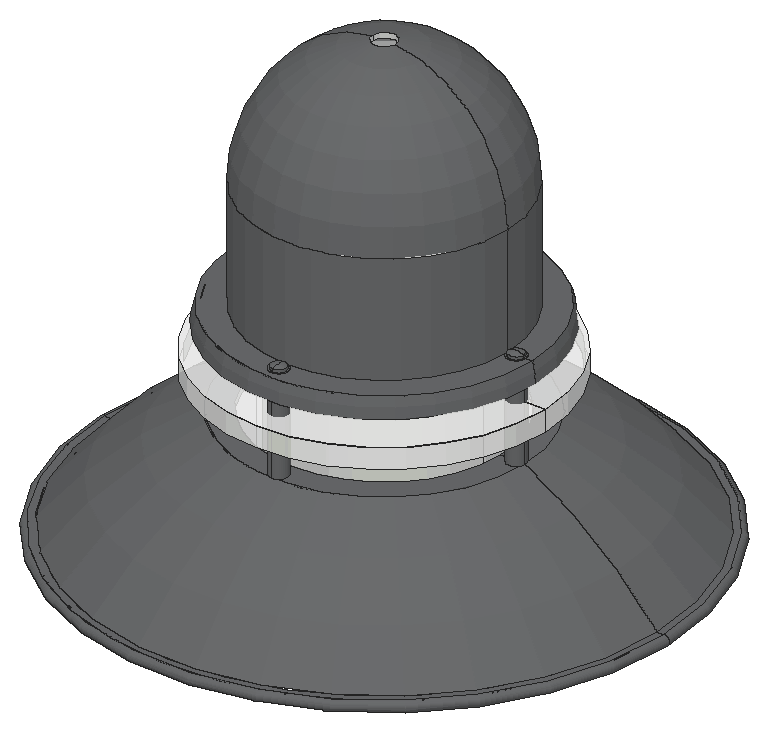
Revit family "UDP212 SHADE", category Lighting Fixtures, Revit 2024
Family settings
  Round Connector Dimension = Use Diameter
  Part Type = Normal
  OmniClass Number = 23.80.70.00
  OmniClass Title = Lighting
  Work Plane-Based = No
  Always vertical = Yes
  Cut with Voids When Loaded = No
  Light Source = Yes
  Maintain Annotation Orientation = No
  Shared = No
  Room Calculation Point = No
Parameters
  Wattage = 12.1178 W
  built-in parameter 1150110 = 1 (stored number, unit not read)
  built-in parameter 1114217 = 1 (stored number, unit not read)
  built-in parameter 1150109 = 1 (stored number, unit not read)
  built-in parameter 1150134 = (empty or 0)
  built-in parameter 1150113 = 1 (stored number, unit not read)
  Lumens = 1800 lm
  built-in parameter 1150115 = 1 (stored number, unit not read)
  built-in parameter 1150105 = 572.96 (stored number, unit not read)
  Light Source Symbol Size = 2' - 0"
  built-in parameter 1150137 = (empty or 0)
  built-in parameter 1150139 = (empty or 0)
  built-in parameter 1150112 = 1 (stored number, unit not read)
  built-in parameter 1150114 = 1 (stored number, unit not read)
  built-in parameter 1150132 = 2
  built-in parameter 1150102 = (empty or 0)
  built-in parameter 1150138 = (empty or 0)
  built-in parameter 1150107 = 3000 (stored number, unit not read)
  built-in parameter 1150106 = 5.7296 (stored number, unit not read)
  built-in parameter 1150104 = 13.8 (stored number, unit not read)
  Dimming Lamp Color Temperature Shift = (empty or 0)
  Default Elevation = 0' - 0"
  Color Filter = 16777215
  built-in parameter 1114218 = 1 (stored number, unit not read)
  built-in parameter 1150133 = 10 (stored number, unit not read)
Reference planes (in)
  plane 1 "Light Source Axis (F/B)": y = 0
  plane 2: z = 0
  plane 3 "Light Source Axis (L/R)": x = 0
  plane 4 "Light Source Elevation": z = 84
Forms (in)
  Revolve 1, solid
    sketch origin (0, 0, 0) x (1, 0, 0) y (0, 0, 1)
      loop
        line (-2.10402, 88.01418) -> (-2.10402, 83.75331)
        arc (-2.10402, 83.75331) -> (-1.48777, 82.26554) -> (0, 81.64928) r 2.10402
        line (0, 81.64928) -> (0, 81.74303)
        arc (0, 81.74303) -> (-1.42148, 82.33183) -> (-2.01027, 83.75331) r 2.01027
        line (-2.01027, 83.75331) -> (-2.01027, 88.01418) -> (-2.10402, 88.01418)
      loop
        line (-5.79796, 84.11999) -> (-5.70907, 84.11999)
        arc (-5.70907, 84.11999) -> (-4.45472, 85.37444) -> (-2.95373, 86.31999) r 7.96118
        line (-2.95373, 86.31999) -> (-2.46714, 86.31999) -> (-2.46714, 86.41374) -> (-2.97514, 86.41374)
        arc (-2.97514, 86.41374) -> (-4.48709, 85.46848) -> (-5.75402, 84.21374) r 8.05493
        line (-5.75402, 84.21374) -> (-5.90402, 84.21374)
        arc (-5.90402, 84.21374) -> (-5.9748, 84.0268) -> (-5.79796, 84.11999) r 0.10687
      loop
        line (-2.60402, 90.71418) -> (-2.60402, 88.41418) -> (-3.12902, 88.41418)
        arc (-3.12902, 88.41418) -> (-3.18383, 88.21676) -> (-3.20404, 88.01288) r 1.1928
        line (-3.20404, 88.01288) -> (-3.11028, 88.01288)
        arc (-3.11028, 88.01288) -> (-3.09704, 88.16837) -> (-3.0619, 88.32043) r 1.09905
        line (-3.0619, 88.32043) -> (-2.51027, 88.32043) -> (-2.51027, 90.71469)
        arc (-2.51027, 90.71469) -> (-1.87164, 92.44167) -> (-0.24391, 93.30235) r 2.5785
        line (-0.24391, 93.30235) -> (-0.24391, 93.39677)
        arc (-0.24391, 93.39677) -> (-1.93823, 92.50792) -> (-2.60402, 90.71418) r 2.67225
      loop
        line (-2.46714, 87.58874) -> (-3.40589, 87.58874) -> (-3.40589, 87.16374) -> (-3.31214, 87.16374) -> (-3.31214, 87.49499) -> (-2.46714, 87.49499) -> (-2.46714, 87.58874)
      axis (0, 93.39677) -> (0, 81.64928)
    angle from 0 to 360
  Revolve 2, solid
    sketch origin (0, 0, 0) x (1, 0, 0) y (0, 0, 1)
      loop
        line (-2.94081, 88.41418) -> (-2.78758, 88.41418) -> (-2.78758, 88.49839)
        arc (-2.78758, 88.49839) -> (-2.86843, 88.49082) -> (-2.94081, 88.454) r 0.21653
        line (-2.94081, 88.454) -> (-2.94081, 88.41418)
      axis (-2.78758, 88.49839) -> (-2.78758, 88.41418)
    angle from 0 to 360
  Sweep 3, solid
    path origin (0, 0, 0) x (1, 0, 0) y (0, 0, 1)
      loop
        line (-2.78758, 88.41418) -> (-2.78758, 86.41374)
    profile origin (-2.78758, 0, 87.41396) x (0, -1, 0) y (1, 0, 0)
      loop
        circle (0, 0) r 0.18831
  Revolve 4, solid
    sketch origin (0, 0, 0) x (0, -1, 0) y (0, 0, 1)
      loop
        line (-2.94081, 88.41418) -> (-2.78758, 88.41418) -> (-2.78758, 88.49839)
        arc (-2.78758, 88.49839) -> (-2.86843, 88.49082) -> (-2.94081, 88.454) r 0.21653
        line (-2.94081, 88.454) -> (-2.94081, 88.41418)
      axis (-2.78758, 88.49839) -> (-2.78758, 88.41418)
    angle from 0 to 360
  Sweep 5, solid
    path origin (0, 0, 0) x (0, -1, 0) y (0, 0, 1)
      loop
        line (-2.78758, 88.41418) -> (-2.78758, 86.41374)
    profile origin (0, 2.78758, 87.41396) x (-1, 0, 0) y (0, -1, 0)
      loop
        circle (0, 0) r 0.18831
  Revolve 6, solid
    sketch origin (0, 0, 0) x (0, 1, 0) y (0, 0, 1)
      loop
        line (-2.94081, 88.41418) -> (-2.78758, 88.41418) -> (-2.78758, 88.49839)
        arc (-2.78758, 88.49839) -> (-2.86843, 88.49082) -> (-2.94081, 88.454) r 0.21653
        line (-2.94081, 88.454) -> (-2.94081, 88.41418)
      axis (-2.78758, 88.49839) -> (-2.78758, 88.41418)
    angle from 0 to 360
  Sweep 7, solid
    path origin (0, 0, 0) x (0, 1, 0) y (0, 0, 1)
      loop
        line (-2.78758, 88.41418) -> (-2.78758, 86.41374)
    profile origin (0, -2.78758, 87.41396) x (1, 0, 0) y (0, 1, 0)
      loop
        circle (0, 0) r 0.18831
  Revolve 8, solid
    sketch origin (0, 0, 0) x (-1, 0, 0) y (0, 0, 1)
      loop
        line (-2.94081, 88.41418) -> (-2.78758, 88.41418) -> (-2.78758, 88.49839)
        arc (-2.78758, 88.49839) -> (-2.86843, 88.49082) -> (-2.94081, 88.454) r 0.21653
        line (-2.94081, 88.454) -> (-2.94081, 88.41418)
      axis (-2.78758, 88.49839) -> (-2.78758, 88.41418)
    angle from 0 to 360
  Sweep 9, solid
    path origin (0, 0, 0) x (-1, 0, 0) y (0, 0, 1)
      loop
        line (-2.78758, 88.41418) -> (-2.78758, 86.41374)
    profile origin (2.78758, 0, 87.41396) x (0, 1, 0) y (-1, 0, 0)
      loop
        circle (0, 0) r 0.18831
Dimensions and locks (in)
  aligned and locked: plane 3 "Light Source Axis (L/R)" to imposter light
  aligned and locked: plane 1 "Light Source Axis (F/B)" to imposter light
  aligned and locked: plane 4 "Light Source Elevation" to imposter light
  aligned and locked: level to plane 2
